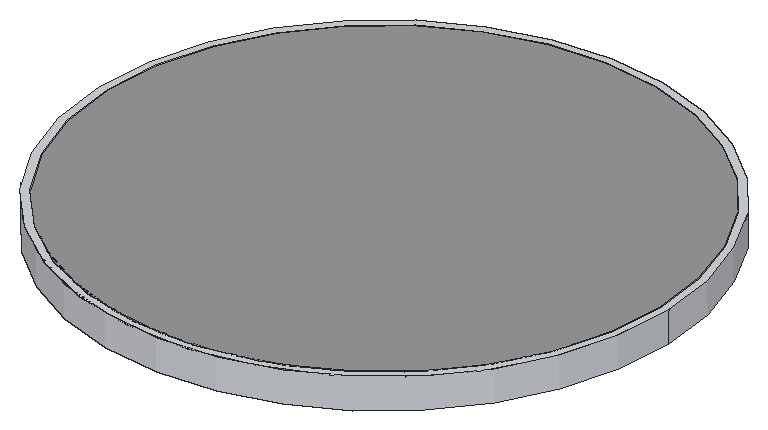
Revit family "2071290", category Lighting Fixtures, host Face, Revit 2018
Family settings
  Host = Face
  Round Connector Dimension = Use Diameter
  Part Type = Junction Box
  OmniClass Number = 23.80.70.00
  OmniClass Title = Lighting
  Cut with Voids When Loaded = No
  Light Source = Yes
  Shared = No
  Room Calculation Point = No
Parameters (values of type "2071290 COLOSSAL 1200 840 OP DIR WHT DALI EM")
  iner diameter = 1168 mm
  Weight = "n/a"
  Wattage Comments = ""
  Wattage = 30 W
  WarrantyStartDate [instance] = "n/a"
  WarrantyGuarantorParts = "n/a"
  WarrantyDurationUnit = "n/a"
  WarrantyDurationParts = ""
  WarrantyDescription = "http://www.sylvania-lighting.com"
  built-in parameter 1150110 = 1 (stored number, unit not read)
  Voltage = 230 V
  URL = "0.95"
  TypeName = "COLOSSAL 1200mm 840 OPAL DIR WHITE DALI EM"
  Type Image = <None>
  Type Comments = "n/a"
  built-in parameter 1114217 = 1 (stored number, unit not read)
  Tilt Angle = -90.00°
  built-in parameter 1150109 = 1 (stored number, unit not read)
  built-in parameter 1150134 = (empty or 0)
  built-in parameter 1150113 = 1 (stored number, unit not read)
  SerialNumber [instance] = "n/a"
  Photometric Web File = "2071290.ies"
  Material_3_SYL = LED-Sylvania
  PowerFactor = 0
  PowerConsumption = "Lighting"
  NominalLength = 1168 mm
  NominalHeight = 93 mm
  NominalDepth = 1168 mm
  Name = "COLOSSAL 1200mm 840 OPAL DIR WHITE DALI EM"
  ModelReference = Name  # "COLOSSAL 1200mm 840 OPAL DIR WHITE DALI EM"
  ModelNumber = "2071290"
  Model = Name  # "COLOSSAL 1200mm 840 OPAL DIR WHITE DALI EM"
  Material = "Feilo Sylvania"
  ManufacturerName = "140 lm/W"
  Manufacturer = ""
  LuminousEfficacy = ""
  built-in parameter 1150105 = 270.44 (stored number, unit not read)
  Lumens = 3398.4 lm
  LuminaireType = "0"
  built-in parameter 1150115 = 1 (stored number, unit not read)
  LightOutputRatio = "LED"
  built-in parameter 1150137 = (empty or 0)
  built-in parameter 1150139 = (empty or 0)
  LampsType = Lamp  # "n/a"
  LampNominalLuminous = "4000 K"
  LampMacAdamStep = "80"
  LampColourTemperature = "LED"
  LampColourRenderingIndex = "16500"
  built-in parameter 1150112 = 1 (stored number, unit not read)
  built-in parameter 1150114 = 1 (stored number, unit not read)
  Lamp = "n/a"
  Keynote = "n/a"
  InstallationDate [instance] = "n/a"
  InputVoltage = "0"
  InputNominalFrequency = "4000"
  built-in parameter 1150132 = (empty or 0)
  built-in parameter 1150102 = (empty or 0)
  built-in parameter 1150107 = 3000 (stored number, unit not read)
  built-in parameter 1150138 = (empty or 0)
  IngressProtection = "IfcLightFixtureType"
  ImpactProtectionIndex = "IfcLightFixtureType"
  built-in parameter 1150106 = 2.7044 (stored number, unit not read)
  IfcExportType = "IfcLightFixtureType"
  IfcExportAs = "Class I"
  Emit from Circle Diameter = 385 mm
  Emit Shape Visible in Rendering = no
  ElectricShockClassification = "140"
  built-in parameter 1150104 = 10.524 (stored number, unit not read)
  DocumentationLiterature = "http://www.sylvania-lighting.com/product/en-int/products/2071290"
  DimmingControlOptions = "n/a"
  Material_2_SYL = Polycarbonate_Sylvania_White
  Dimming Lamp Color Temperature Shift = <None>
  Description = "1200mm diameter circular architectural luminaire, can be surface mounted or suspended. Powder coated aluminium housing (RAL9016) with polycarbonate opal diffuser. Direct light distribution, 22015lm luminuous flux, 157W system power, 140lm/W luminiaire efficacy. DALI dimmable. 3 hours integrated emergency. Colour rendering index Ra >80, 4000K Neutral White LED, chromaticity tolerance of 3-step MacAdam ellipse. IP40/IP20, IK03. 450mA drive current. Electrical protection Class1, 220-240V. Reported lifetime 66k hours L90B10."
  Default Elevation = 1219.2 mm
  CreatedOn = "23/03/2022"
  CreatedBy = "@sylvania-lighting.com"
  Cost = 0
  Color Filter = 16777215
  built-in parameter 1114216 [instance] = (empty or 0)
  ClassificationValue = "EF_70_80"
  ClassificationName = "Uniclass2015"
  Material_1_SYL = Polycarbonate_Sylvania_Opal
  BarCode [instance] = "n/a"
  built-in parameter 1114218 = 1 (stored number, unit not read)
  built-in parameter 1150133 = 10 (stored number, unit not read)
  AssetType = "Fixed"
  AssetIdentifier [instance] = "n/a"
  Assembly Code = "D5020200"
  Apparent Load = 157 VA
  Material_4_SYL = none
Reference planes
  plane 1 "Center (Front/Back)": y = 0
  plane 2: z = 0
  plane 3 "Center (Left/Right)": x = 0
  plane 4: z = 1.161
  plane 5: z = 16.161
  plane 6: y = 584
  plane 7: y = -584
  plane 8: x = 85
  plane 9: x = -85
  plane 10: through (0, 0, 1219.2) normal (0.5, 0.866, 0)
  plane 11: through (42.5, 73.612, 1219.2) normal (0.5, 0.866, 0)
  plane 12: through (-42.5, -73.612, 1219.2) normal (0.5, 0.866, 0)
  plane 13: through (0, 0, 1219.2) normal (0.5, -0.866, 0)
  plane 14: through (-42.5, 73.612, 1219.2) normal (0.5, -0.866, 0)
  plane 15: through (42.5, -73.612, 1219.2) normal (0.5, -0.866, 0)
  plane 16: z = 93
  plane 17: y = 584
  plane 18: y = -584
  plane 19: y = -429
  plane 20: x = -584
  plane 21: x = 584
Forms (mm)
  Extrusion 1, solid, detail levels medium+fine
    sketch origin (0, 0, 0) x (0.866025, -0.5, 0) y (0.5, 0.866025, 0)
      loop
        circle (-50, 86.603) r 22
    from 0 to 2
  Extrusion 2, solid, detail levels medium+fine
    sketch origin (0, 0, 0) x (0.866025, -0.5, 0) y (0.5, 0.866025, 0)
      loop
        circle (100, 0) r 22
      loop
        circle (-50, -86.603) r 22
    from 0 to 2
  Extrusion 3, solid, detail levels medium+fine
    sketch origin (0, 0, 0) x (1, 0, 0) y (0, 1, 0)
      loop
        circle (0, 0) r 584
    from 30 to 93
  Extrusion 4, void
    sketch origin (0, 0, 0) x (1, 0, 0) y (0, 1, 0)
      loop
        circle (0, 0) r 568
    from 96.588 to 37.292
  Extrusion 5, solid, material "Glass, White, High Luminance", detail levels fine
    sketch origin (0, 0, 0) x (1, 0, 0) y (0, 1, 0)
      loop
        circle (0, 0) r 568
    from 88.022 to 93
  Extrusion 6, solid, detail levels coarse
    sketch origin (0, 0, 0) x (1, 0, 0) y (0, 1, 0)
      loop
        line (-584, 584) -> (-584, -584) -> (584, -584) -> (584, 584) -> (-584, 584)
    from 0 to 93
  Blend 7, solid, detail levels medium+fine
    base sketch origin (-10.814, 11.299, 29.922) x (1, 0, 0) y (0, 1, 0)
      loop
        line (-402.654, -330.622) -> (397.346, -330.622) -> (482.346, -183.398) -> (82.346, 509.423) -> (-87.654, 509.423) -> (-487.654, -183.398) -> (-402.654, -330.622)
    top sketch origin (-10.814, 11.299, 29.922) x (1, 0, 0) y (0, 1, 0)
      loop
        line (-363.391, -306.496) -> (364.632, -306.496) -> (449.632, -159.272) -> (87.132, 468.597) -> (-82.868, 468.597) -> (-445.368, -159.272) -> (-363.391, -306.496)
    from 0 to -30
Cuts and joins
  Extrusion 4 cuts Extrusion 1
  Extrusion 4 cuts Extrusion 2
  Extrusion 4 cuts Extrusion 3
Lines and regions (mm)
  model lines, detail levels medium+fine
    curve 1: circle (0, 0, 0) r 155 normal (0, 0, 1)
  reference lines
    curve 2: circle (0, 0, 0) r 489 normal (0, 0, 1)
    curve 3: circle (0, 0, 0) r 521 normal (0, 0, 1)
    curve 4: line (0, 0, 0) -> (606.218, -350, 0)
    curve 5: line (0, 0, 0) -> (0, 825, 0)
    curve 6: line (0, 0, 0) -> (-623.538, -360, 0)
    curve 7: line (639.013, -270.785, 0) -> (85, 49.075, 0)
    curve 8: line (563.718, -423.612, 0) -> (0, -98.15, 0)
    curve 9: line (85, 49.075, 0) -> (85, 825, 0)
    curve 10: line (-85, 49.075, 0) -> (-85, 825, 0)
    curve 11: line (-85, 49.075, 0) -> (-666.038, -286.388, 0)
    curve 12: line (-581.038, -433.612, 0) -> (0, -98.15, 0)
Dimensions and locks
  plane 4 to level = 1.161 mm
  locked: plane 5 to plane 4 at 15
  "NominalDepth": plane 6 to plane 7
  plane 6 to plane 1 "Center (Front/Back)" to plane 7 = 584 mm, 584 mm
  "NominalHeight": level to plane 16
  equal spacing: plane 17, plane 1 "Center (Front/Back)", plane 18
  "NominalLength": plane 20 to plane 21
  equal spacing: plane 20, plane 3 "Center (Left/Right)", plane 21
  aligned and locked: plane 2 to host face
  aligned and locked: level to host face
  aligned and locked: plane 6 to Extrusion 6
Automatic sketch dimensions
  host sketch curve to host sketch curve = 2438.4 mm  (x2)
  Extrusion 1 sketch curve to plane 3 "Center (Left/Right)" = 0 mm
  Extrusion 1 sketch curve to plane 1 "Center (Front/Back)" = 100 mm
  plane 1 "Center (Front/Back)" to Extrusion 2 sketch curve = 50 mm
  Extrusion 2 sketch curve to plane 3 "Center (Left/Right)" = 86.603 mm
  Extrusion 2 sketch curve to Extrusion 2 sketch curve = 150 mm
  Extrusion 2 sketch curve to Extrusion 2 sketch curve = 86.603 mm
  plane 1 "Center (Front/Back)" to curve 1 = 0 mm
  curve 1 to plane 3 "Center (Left/Right)" = 0 mm
  plane 1 "Center (Front/Back)" to Extrusion 3 sketch curve = 0 mm
  Extrusion 3 sketch curve to plane 3 "Center (Left/Right)" = 0 mm
  plane 1 "Center (Front/Back)" to Extrusion 4 sketch curve = 0 mm
  Extrusion 4 sketch curve to plane 3 "Center (Left/Right)" = 0 mm
  plane 1 "Center (Front/Back)" to Extrusion 5 sketch curve = 0 mm
  Extrusion 5 sketch curve to plane 3 "Center (Left/Right)" = 0 mm
  curve 2 to curve 3 = 0 mm  (x2)
  curve 11 to plane 14 = 0 mm
  curve 6 to plane 13 = 0 mm
  curve 12 to plane 15 = 0 mm
  curve 10 to plane 9 = 0 mm
  curve 12 to plane 3 "Center (Left/Right)" = 0 mm
  plane 1 "Center (Front/Back)" to curve 3 = 0 mm
  curve 3 to plane 3 "Center (Left/Right)" = 0 mm
  curve 7 to plane 8 = 0 mm
  curve 11 to plane 10 = 0 mm
  curve 12 to plane 19 = 4.612 mm
  plane 19 to curve 6 = 69 mm
  plane 19 to curve 11 = 142.612 mm
  plane 19 to curve 8 = 5.388 mm
  plane 19 to curve 4 = 79 mm
  plane 19 to curve 7 = 158.215 mm
  plane 6 to curve 5 = 241 mm
  curve 10 to curve 5 = 0 mm
  curve 5 to curve 9 = 0 mm
  plane 1 "Center (Front/Back)" to curve 6 = 0 mm
  curve 6 to plane 3 "Center (Left/Right)" = 0 mm
  Extrusion 6 sketch curve to plane 7 = 0 mm
  Extrusion 6 sketch curve to plane 6 = 0 mm
  Blend 7 sketch curve to plane 6 = 756.098 mm  (x2)
  Blend 7 sketch curve to Blend 7 sketch curve = 85 mm
  plane 3 "Center (Left/Right)" to Blend 7 sketch curve = 386.532 mm
  plane 8 to Blend 7 sketch curve = 386.532 mm
  Blend 7 sketch curve to plane 6 = 63.278 mm
  Blend 7 sketch curve to plane 6 = 731.972 mm  (x2)
  Blend 7 sketch curve to Blend 7 sketch curve = 81.977 mm
  plane 3 "Center (Left/Right)" to Blend 7 sketch curve = 353.818 mm
  plane 8 to Blend 7 sketch curve = 353.818 mm
  Blend 7 sketch curve to plane 6 = 104.104 mm
  plane 12 to curve 8 = 0 mm
  plane 19 to Blend 7 sketch curve = 109.677 mm
  plane 19 to Blend 7 sketch curve = 133.803 mm
  plane 8 to Extrusion 6 sketch curve = 499 mm
  Extrusion 6 sketch curve to plane 9 = 499 mm
  Blend 7 sketch curve to plane 8 = 13.468 mm
  Blend 7 sketch curve to plane 9 = 13.468 mm
  Blend 7 sketch curve to plane 9 = 328.468 mm
  Blend 7 sketch curve to plane 8 = 8.682 mm
  Blend 7 sketch curve to plane 9 = 8.682 mm
  Blend 7 sketch curve to plane 9 = 289.205 mm
  plane 10 to curve 4 = 0 mm
  plane 11 to curve 7 = 0 mm
  curve 12 to plane 12 = 0 mm
  curve 9 to plane 11 = 0 mm
  radius of Extrusion 1 sketch curve = 22 mm
  radius of Extrusion 2 sketch curve = 22 mm  (x2)
  radius of curve 1 = 155 mm
  radius of Extrusion 3 sketch curve = 584 mm
  radius of Extrusion 4 sketch curve = 568 mm
  radius of Extrusion 5 sketch curve = 568 mm
  radius of curve 2 = 489 mm
  radius of curve 3 = 521 mm
Connectors
  electrical at (0, 0, 30)
    settings: on cut or joined group of Extrusion 3, Extrusion 4, index 1, voltage 0 V, apparent load 0 VA, apparent load phase1 0 VA, apparent load phase2 0 VA, apparent load phase3 0 VA, power factor 1, load classification "Other", number of poles 1, system type 31, power factor state 1, is connector primary yes, connector utility no, sub classification motor no, connector description ""
